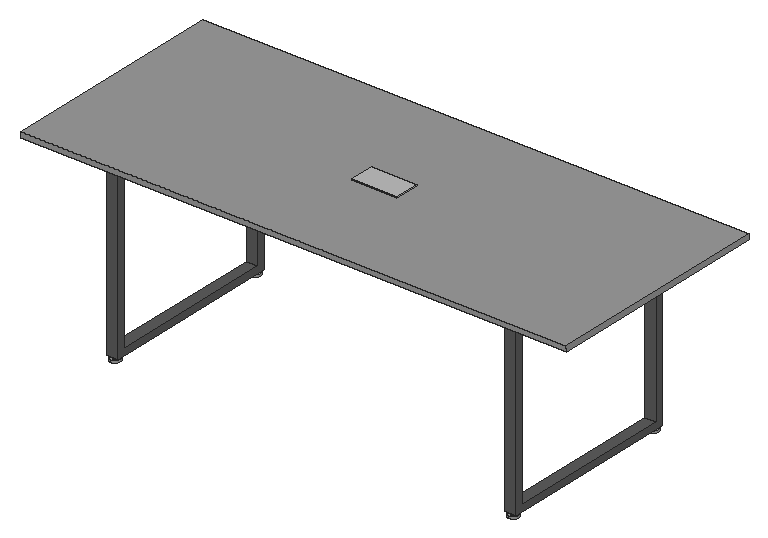
Revit family "Haworth_Tibas_Desk_MeetingTable_EU_PRELIMINARY1", category Furniture, Revit 2019 (continued)
Definition of nested family "Haworth_Tibas_Top_Rectangular-PART"
  Definition of nested family "Haworth-Flip Top"
    Dimensions and locks (cm)
      "Flip Top Height": plane 8 "Table Height" to plane 9
      aligned and locked: plane 7 "Left" to Extrusion 1 sketch curve
      aligned and locked: Extrusion 1 sketch curve to plane 4 "Back"
      aligned and locked: plane 6 "Front" to Extrusion 1 sketch curve
      aligned and locked: Extrusion 1 sketch curve to plane 5 "Right"
      aligned and locked: plane 9 to cut or joined group of Extrusion 1, Extrusion 2
    Automatic sketch dimensions
      curve 4 to plane 5 "Right" = 0 cm
      curve 2 to plane 4 "Back" = 0 cm
      curve 2 to plane 7 "Left" = 0 cm
      curve 4 to plane 6 "Front" = 0 cm
Definition of nested family "Haworth_Tibas_Top_Round-PART"
  Parameters (values of type "Round Top")
    Warranty = "http://www.haworth.com/resources/product-info/warranties"
    URL - Product = ""
    URL = "https://www.haworth.com/eu/en.html"
    Top Finish [instance] = none
    Thickness = 2.5 cm  # constant formula
    Size = "Verify Final Dim. w/ Haworth"  # constant formula
    Revision Number = "1"  # constant formula
    Model = "Haworth - Tibas"  # constant formula
    Manufacturer = "Haworth"  # constant formula
    Description = "Haworth - Tibas"  # constant formula
    Author = "Haworth (Abd Rahman)"  # constant formula
    Assembly Code = "E2020200"
    Actual Width = 100 cm
    Actual Mounting Height = 45 cm
    Actual Diameter = Actual Width / 2  # 50 cm
    Actual Depth = Actual Width  # 100 cm
  Reference planes (cm)
    plane 1: z = -0.5
    plane 2 "Center L/R": x = -15.6859
    plane 3 "Center F/B": y = -29.21
    plane 4 "Top of top": z = 47
    plane 5 "Back": y = 20.79
    plane 6 "Front": y = -79.21
    plane 7 "Left": x = -65.6859
    plane 8 "Right": x = 34.3141
    plane 9 "Bottom of top": z = 44.5
  Forms (cm)
    Extrusion 1, solid, material <- "Top Finish"
      sketch origin (0, 0, 0) x (1, 0, 0) y (0, 1, 0)
        loop
          circle (-15.6859, -29.21) r 50
      from 44.5 to 47
  Lines and regions (cm)
    Masking region 1
      outline origin (0, 0, 0) x (1, 0, 0) y (0, 1, 0)
        loop
          circle (-15.6859, -29.21) r 50
  Dimensions and locks (cm)
    equal spacing: plane 5 "Back", plane 3 "Center F/B", plane 6 "Front"
    "Actual Depth": plane 5 "Back" to plane 6 "Front"
    equal spacing: plane 7 "Left", plane 2 "Center L/R", plane 8 "Right"
    "Actual Width": plane 7 "Left" to plane 8 "Right"
    "Thickness": plane 4 "Top of top" to plane 9 "Bottom of top"
    "Actual Mounting Height": plane 9 "Bottom of top" to plane 1
    "Actual Diameter": radius of Masking region 1 sketch curve
    "Actual Diameter": radius of Extrusion 1 sketch curve
    aligned and locked: plane 4 "Top of top" to Extrusion 1
    aligned and locked: Extrusion 1 to plane 9 "Bottom of top"
    aligned and locked: plane 3 "Center F/B" to Extrusion 1 sketch curve
    aligned and locked: plane 2 "Center L/R" to Extrusion 1 sketch curve
    aligned and locked: plane 2 "Center L/R" to Masking region 1 sketch curve
    aligned and locked: plane 3 "Center F/B" to Masking region 1 sketch curve
Definition of nested family "Haworth_Tibas_Understructure_Beam-Leg_PART"
  Parameters (values of type "Beam - Understructure - PART")
    Warranty = "http://www.haworth.com/resources/product-info/warranties"
    URL - Product = "https://www.haworth.com/eu/products/tables/desks/tibas"
    URL = "https://www.haworth.com/ap/en.html"
    Structure = yes
    Size = "Verify Final Dim. w/ Haworth"  # constant formula
    Revision Number = "1"  # constant formula
    Return Extension = no
    Model = "Haworth - Tibas"  # constant formula
    Manufacturer = "Haworth"  # constant formula
    Leg Finish [instance] = none
    Description = "Haworth - Tibas - PART"  # constant formula
    Connector Width [instance] = 5.49 cm
    Author = "Haworth (Abd Rahman)"  # constant formula
    Assembly Code = "E2020200"
    Actual Width = 100 cm
    Actual Height = 68 cm
    Actual Depth = 7 cm  # constant formula
  Reference planes (cm)
    plane 1: z = 0
    plane 2 "Center L/R": x = -15.6859
    plane 3 "Center F/B": y = -29.21
    plane 4 "Top": z = 68
    plane 5: z = 65
    plane 6: x = -18.1859
    plane 7: x = -13.1859
    plane 8: y = -25.71
    plane 9: y = -32.71
    plane 10: z = 69.7
    plane 11: z = 68.7
    plane 12: z = 65.8979
    plane 13: x = -17.7854
    plane 14: x = -18.6759
    plane 15: x = -113.1859
    plane 16: x = -63.1859
    plane 17 "Center F/E": x = -110.6859
    plane 18: x = -108.1859
    plane 19: x = -108.5864
    plane 20: x = -107.6959
    plane 21: y = -27.71
    plane 22: y = -31.71
    plane 23: y = -26.25
    plane 24: y = -27.08
    plane 25: y = -31.1
    plane 26: y = -31.93
    plane 27: z = 64.27
    plane 28: z = 69.25
  Forms (cm)
    Extrusion 1, solid, material <- "Leg Finish"
      sketch origin (0, -29.21, 0) x (1, 0, 0) y (0, 0, 1)
        loop
          line (-18.6759, 65) -> (-13.1859, 65) -> (-13.1859, 65.6842) -> (-17.7854, 65.6842) -> (-17.7854, 68.7) -> (-13.1859, 68.7) -> (-13.1859, 69.7) -> (-18.6759, 69.7) -> (-18.6759, 65)
      from -2.71 to 3.29
    Extrusion 2, solid, material <- "Leg Finish"
      sketch origin (0, 0, 0) x (1, 0, 0) y (0, 1, 0)
        loop
          line (-17.7854, -31.71) -> (-17.7854, -27.71) -> (-108.5864, -27.71) -> (-108.5864, -31.71) -> (-17.7854, -31.71)
      from 65.8979 to 68.7
    Extrusion 3, solid, material <- "Leg Finish", visible <- "Structure"
      sketch origin (-86.3718, -29.21, 0) x (-1, 0, 0) y (0, 0, -1)
        loop
          line (21.3241, -65) -> (21.3241, -69.7) -> (26.8141, -69.7) -> (26.8141, -68.7) -> (22.2146, -68.7) -> (22.2146, -65.6842) -> (26.8141, -65.6842) -> (26.8141, -65) -> (21.3241, -65)
      from -2.71 to 3.29
    Extrusion 4, solid, material <- "Leg Finish", visible <- "Return Extension"
      sketch origin (-15.6859, 0, 0) x (0, 1, 0) y (0, 0, 1)
        loop
          line (-31.93, 64.27) -> (-31.1, 64.27) -> (-31.1, 69.25) -> (-27.08, 69.25) -> (-27.08, 64.27) -> (-26.25, 64.27) -> (-26.25, 69.7) -> (-31.93, 69.7) -> (-31.93, 64.27)
      from -97.5 to -92.5
    Extrusion 5, void
      sketch origin (0.0625, -29.21, 0.25) x (1, 0, 0) y (0, 0, 1)
        loop
          arc (-108.2484, 66.67) -> (-110.7484, 64.17) -> (-113.2484, 66.67) r 2.5
          line (-113.2484, 66.67) -> (-114.083, 66.67) -> (-114.083, 62.67) -> (-107.2888, 62.67) -> (-107.2888, 66.67) -> (-108.2484, 66.67)
      from -9.5046 to 7.2704
  Cuts and joins
    Extrusion 5 cuts Extrusion 4
  Lines and regions (cm)
    Masking region 1
      outline origin (0, 0, 0) x (1, 0, 0) y (0, 1, 0)
        loop
          line (-107.6959, -27.71) -> (-107.6959, -26.25) -> (-113.1859, -26.25) -> (-113.1859, -32.5) -> (-107.6959, -32.5) -> (-107.6959, -31.71) -> (-18.6759, -31.71) -> (-18.6759, -32.5) -> (-13.1859, -32.5) -> (-13.1859, -26.5) -> (-18.6759, -26.5) -> (-18.6759, -27.71) -> (-107.6959, -27.71)
  Dimensions and locks (cm)
    "Actual Height": plane 4 "Top" to plane 1
    equal spacing: plane 8, plane 3 "Center F/B", plane 9
    "Actual Depth": plane 8 to plane 9
    equal spacing: plane 6, plane 2 "Center L/R", plane 7
    "Actual Height": plane 4 "Top" to level
    locked: plane 5 to plane 4 "Top" at 3
    Extrusion 1 sketch curve to Extrusion 2 = 1 cm
    equal spacing: plane 15, plane 16, plane 7
    plane 15 to plane 7 = 100 cm
    plane 14 to plane 6 to plane 13 to plane 2 "Center L/R" to plane 7 = 0.49 cm locked, 0.4005 cm locked, 2.0995 cm locked, 2.5 cm locked
    plane 15 to plane 16 to plane 7 = 50 cm, 50 cm
    "Connector Width": plane 14 to plane 7
    "Actual Width": plane 15 to plane 7
    plane 18 to plane 17 "Center F/E" = 2.5 cm
    plane 20 to plane 18 to plane 19 to plane 17 "Center F/E" to plane 15 = 0.49 cm locked, 0.4005 cm locked, 2.0995 cm locked, 2.5 cm locked
    locked: plane 8 to plane 21 at 2
    locked: plane 22 to plane 9 at 1
    plane 8 to plane 23 to plane 24 = 0.54 cm locked, 0.83 cm locked
    plane 25 to plane 26 to plane 9 = 0.83 cm locked, 0.78 cm locked
    locked: plane 28 to plane 10 at 0.45
    locked: plane 27 to plane 5 at 0.73
    aligned and locked: Extrusion 2 to plane 11
    aligned and locked: Extrusion 2 to plane 12
    aligned and locked: Extrusion 2 to plane 13
    aligned and locked: plane 11 to Extrusion 1
    aligned and locked: Extrusion 1 to plane 13
    aligned and locked: Extrusion 1 to plane 7  (x2)
    aligned and locked: plane 5 to Extrusion 1
    aligned and locked: Extrusion 1 to plane 10
    aligned and locked: plane 14 to Extrusion 1
    aligned and locked: plane 10 to Extrusion 3
    aligned and locked: plane 15 to Extrusion 3  (x2)
    aligned and locked: Extrusion 3 to plane 20
    aligned and locked: plane 5 to Extrusion 3
    aligned and locked: Extrusion 3 to plane 11
    aligned and locked: Extrusion 3 to plane 19
    aligned and locked: Extrusion 2 sketch curve to plane 21
    aligned and locked: plane 22 to Extrusion 2 sketch curve
    aligned and locked: plane 13 to Extrusion 2 sketch curve
    aligned and locked: plane 19 to Extrusion 2 sketch curve
    aligned and locked: plane 10 to Extrusion 4 sketch curve
    aligned and locked: Extrusion 4 sketch curve to plane 23
    aligned and locked: Extrusion 4 sketch curve to plane 24
    aligned and locked: Extrusion 4 sketch curve to plane 25
    aligned and locked: Extrusion 4 sketch curve to plane 26
    aligned and locked: plane 28 to Extrusion 4 sketch curve
    aligned and locked: Extrusion 4 sketch curve to plane 27
    aligned and locked: plane 27 to Extrusion 4 sketch curve
    aligned and locked: plane 15 to cut or joined group of Extrusion 4, Extrusion 5
    aligned and locked: plane 18 to cut or joined group of Extrusion 4, Extrusion 5
    aligned and locked: plane 17 "Center F/E" to Extrusion 5 sketch curve
    aligned and locked: plane 7 to Masking region 1 sketch curve
    aligned and locked: Masking region 1 sketch curve to plane 14
  Automatic sketch dimensions
    plane 14 to Extrusion 1 sketch curve = 0 cm
    plane 13 to Extrusion 1 sketch curve = 0 cm
    plane 7 to Extrusion 1 sketch curve = 0 cm  (x2)
    Extrusion 1 sketch curve to plane 5 = 0 cm
    Extrusion 1 sketch curve to plane 11 = 0 cm
    plane 12 to Extrusion 1 sketch curve = 0.2138 cm
    Extrusion 3 sketch curve to plane 10 = 0 cm
    Extrusion 3 sketch curve to plane 20 = 0 cm
    plane 19 to Extrusion 3 sketch curve = 0 cm
    plane 15 to Extrusion 3 sketch curve = 0 cm  (x2)
    Extrusion 3 sketch curve to plane 5 = 0 cm
    Extrusion 3 sketch curve to plane 11 = 0 cm
    Extrusion 3 sketch curve to plane 12 = 0.2138 cm
    plane 15 to Extrusion 5 sketch curve = 0 cm
    plane 15 to Extrusion 5 sketch curve = 0.8346 cm
    plane 20 to Extrusion 5 sketch curve = 0.4696 cm
    plane 5 to Extrusion 5 sketch curve = 2.08 cm
    Extrusion 5 sketch curve to plane 12 = 1.0221 cm
    Masking region 1 sketch curve to plane 15 = 0 cm
    Masking region 1 sketch curve to plane 20 = 0 cm  (x2)
    Masking region 1 sketch curve to plane 14 = 0 cm
    Masking region 1 sketch curve to plane 9 = 0.21 cm  (x2)
    Masking region 1 sketch curve to Masking region 1 sketch curve = 0.79 cm
    Masking region 1 sketch curve to plane 3 "Center F/B" = 1.5 cm
    Masking region 1 sketch curve to plane 8 = 0.79 cm
    Masking region 1 sketch curve to plane 8 = 0.54 cm
Definition of nested family "Haworth-Flip Top"
  Parameters (values of type "Flip Top - Visio")
    Warranty = ""
    URL - Product = ""
    URL = ""
    Sustainability Info = ""
    Size = "Verify Final Dim. w/ Haworth"  # constant formula
    Single Sided = no
    Single Sided Wide = yes
    Revision Number = ""
    OmniClass Number = ""
    Material Options = ""
    Manufacturer = "Haworth"  # constant formula
    LEED Data = ""
    Flip Top Height = 2.5 cm
    Flip Top Finish = none
    Double Sided = no
    Double Sided Wide = no
    Author = "SHAPE Environments, LLC"  # constant formula
    Assembly Code = ""
    Actual Width = 20 cm
    Actual Height = 80 cm
    Actual Depth = 11 cm
  Reference planes (cm)
    plane 1 "Center F/B": y = 0.1333
    plane 2: z = 0
    plane 3 "Center L/R": x = 1.4487
    plane 4 "Back": y = 5.6333
    plane 5 "Right": x = 11.4487
    plane 6 "Front": y = -5.3667
    plane 7 "Left": x = -8.5513
    plane 8 "Table Height": z = 80
    plane 9: z = 77.5
  Forms (cm)
    Extrusion 1, solid, material <- "Flip Top Finish"
      sketch origin (0, 0, 80) x (-1, 0, 0) y (0, -1, 0)
        loop
          line (8.5513, -5.6333) -> (8.5513, 5.3667) -> (-11.4487, 5.3667) -> (-11.4487, -5.6333) -> (8.5513, -5.6333)
      from 0 to 0.3175
    Extrusion 2, solid, material <- "Flip Top Finish"
      sketch origin (0, 0, 80) x (-1, 0, 0) y (0, -1, 0)
        loop
          line (8.2338, -5.1571) -> (8.2338, 4.8904) -> (-11.1312, 4.8904) -> (-11.1312, -5.1571) -> (8.2338, -5.1571)
      from 0 to -2.5
  Cuts and joins
    joined: Extrusion 1, Extrusion 2
  Lines and regions (cm)
    symbolic lines
      curve 1: line (-8.5513, 5.6333, 80) -> (11.4487, 5.6333, 80)
      curve 2: line (-8.5513, -5.3667, 80) -> (-8.5513, 5.6333, 80)
      curve 3: line (11.4487, -5.3667, 80) -> (-8.5513, -5.3667, 80)
      curve 4: line (11.4487, 5.6333, 80) -> (11.4487, -5.3667, 80)
  Dimensions and locks (cm)
    equal spacing: plane 7 "Left", plane 3 "Center L/R", plane 5 "Right"
    "Actual Width": plane 7 "Left" to plane 5 "Right"
    equal spacing: plane 6 "Front", plane 1 "Center F/B", plane 4 "Back"
    "Actual Depth": plane 4 "Back" to plane 6 "Front"
    plane 7 "Left" to Extrusion 2 sketch curve = 0.3175 cm
    plane 4 "Back" to Extrusion 2 sketch curve = 0.4762 cm
    Extrusion 2 sketch curve to plane 5 "Right" = 0.3175 cm
    Extrusion 2 sketch curve to plane 6 "Front" = 0.4763 cm
    "Actual Height": plane 8 "Table Height" to level
    "Flip Top Height": plane 8 "Table Height" to plane 9
    aligned and locked: plane 7 "Left" to Extrusion 1 sketch curve
    aligned and locked: Extrusion 1 sketch curve to plane 4 "Back"
    aligned and locked: plane 6 "Front" to Extrusion 1 sketch curve
    aligned and locked: Extrusion 1 sketch curve to plane 5 "Right"
    aligned and locked: plane 9 to cut or joined group of Extrusion 1, Extrusion 2
  Automatic sketch dimensions
    curve 4 to plane 5 "Right" = 0 cm
    curve 2 to plane 4 "Back" = 0 cm
    curve 2 to plane 7 "Left" = 0 cm
    curve 4 to plane 6 "Front" = 0 cm
Types (5, lengths in cm): name | U-Leg Frame | Round Table | Rectangular Table OL | Rectangular Table Large | Rectangular Table EL | Rectangle | O-Leg Frame | Leg Width | Leg Height | Leg Depth | Flip Top Cable Outlet | Boat Shape | Beam Width | Actual Width | Actual Height | Actual Depth | A-Leg Frame
  140 x 140 OL | yes | no | yes | no | no | yes | no | 6 | 71.5 | 130 | yes | no | 134 | 140 | 75 | 140 | no
  140 X 140 EL | no | no | no | no | yes | yes | yes | 25 | 80.0025 | 100 | no | no | 105 | 140 | 83.5025 | 140 | no
  120dia | no | yes | no | no | no | no | no | 20 | 80.0025 | 70 | yes | no | 90 | 120 | 83.5025 | 120 | yes
  240 x 100 | no | no | no | yes | no | yes | yes | 35 | 80.0025 | 80 | yes | no | 175 | 240 | 83.5025 | 100 | no
  220 x 110 | no | no | no | no | no | no | no | 30 | 80.0025 | 80 | no | yes | 170 | 220 | 83.5025 | 110 | yes
